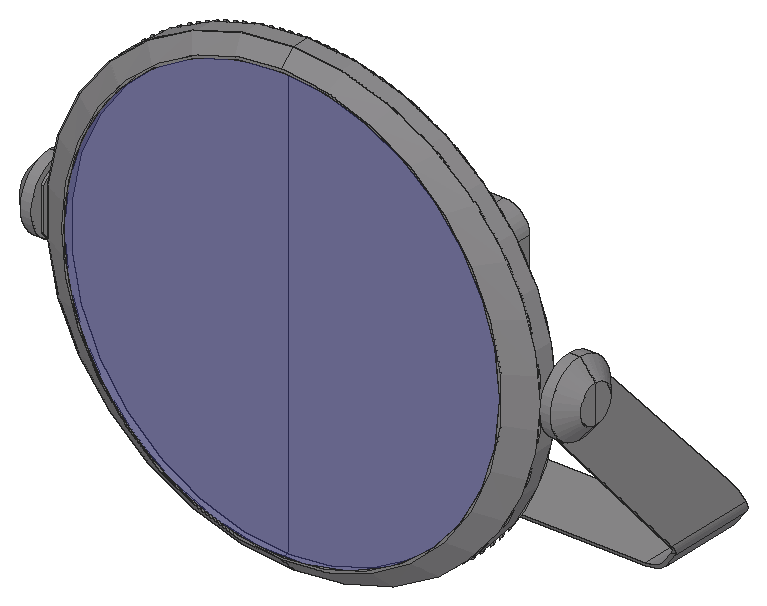
Revit family "APEX-1200SP-50701-TR", category Lighting Fixtures, host Face, Revit 2022
Family settings
  Host = Face
  Round Connector Dimension = Use Diameter
  Part Type = Normal
  Cut with Voids When Loaded = Yes
  Light Source = Yes
  Maintain Annotation Orientation = No
  Shared = No
  Room Calculation Point = No
Parameters (values of type "APEX-1200SP-1200W-5000K-12D")
  Wattage Comments = "1200W"
  Wattage = 1334.3 W
  built-in parameter 1150110 = 1 (stored number, unit not read)
  URL = "https://www.abovealllighting.com/Product/LED-OUTDOOR-FIXTURES/LEDSportLight/APEXLEDSportLight-TrunnionMount.html"
  built-in parameter 1114217 = 1 (stored number, unit not read)
  Tilt Angle = 90.00°
  built-in parameter 1150109 = 1 (stored number, unit not read)
  built-in parameter 1150134 = 2
  built-in parameter 1150113 = 1 (stored number, unit not read)
  Power Factor = "0.9"
  Photometric Web File = "APEX-1200SP-1200W-5000K-CRI70-12D.IES"
  Model = "APEX-1200SP-50701-TR-12-GY"
  Manufacturer = "Above All Lighting"  # constant formula
  built-in parameter 1150105 = 15772.3 (stored number, unit not read)
  Lumens = 198200 lm
  built-in parameter 1150115 = 1 (stored number, unit not read)
  Load Classification = Lighting
  built-in parameter 1150137 = (empty or 0)
  built-in parameter 1150139 = (empty or 0)
  built-in parameter 1150112 = 1 (stored number, unit not read)
  built-in parameter 1150114 = 1 (stored number, unit not read)
  Lamp = "LED"
  Input Voltage = "120-277V"
  built-in parameter 1150132 = 2
  built-in parameter 1150102 = (empty or 0)
  built-in parameter 1150107 = 5000 (stored number, unit not read)
  built-in parameter 1150138 = (empty or 0)
  built-in parameter 1150106 = 157.72 (stored number, unit not read)
  IP Rating = "IP66"
  IK Rating = "IK08"
  built-in parameter 1150104 = 13.8 (stored number, unit not read)
  Dimming Lamp Color Temperature Shift = <None>
  Default Elevation = 0' - 0"
  Color Filter = 16777215
  CRI = "70"
  Beam Angle = 12.00°
  built-in parameter 1114218 = 1 (stored number, unit not read)
  built-in parameter 1150133 = 10 (stored number, unit not read)
Types (7): name | Photometric Web File | Model | Beam Angle
  (no name) | "APEX-1200SP-1200W-5000K-CRI70-12D.IES" | "APEX-1200SP-50701-TR-12-GY" | 12.00°
  APEX-1200SP-1200W-5000K-12D | "APEX-1200SP-1200W-5000K-CRI70-12D.IES" | "APEX-1200SP-50701-TR-12-GY" | 12.00°
  APEX-1200SP-1200W-5000K-17D | "APEX-1200SP-1200W-5000K-CRI70-17D.IES" | "APEX-1200SP-50701-TR-17-GY" | 17.00°
  APEX-1200SP-1200W-5000K-22D | "APEX-1200SP-1200W-5000K-CRI70-22D.IES" | "APEX-1200SP-50701-TR-22-GY" | 22.00°
  APEX-1200SP-1200W-5000K-30D | "APEX-1200SP-1200W-5000K-CRI70-30D.IES" | "APEX-1200SP-50701-TR-30-GY" | 30.00°
  APEX-1200SP-1200W-5000K-45D | "APEX-1200SP-1200W-5000K-CRI70-45D.IES" | "APEX-1200SP-50701-TR-45-GY" | 45.00°
  APEX-1200SP-1200W-5000K-60D | "APEX-1200SP-1200W-5000K-CRI70-60D.IES" | "APEX-1200SP-50701-TR-60-GY" | 60.00°
Reference planes (in)
  plane 1 "Center (Front/Back)": y = 0
  plane 2: z = 0
  plane 3 "Center (Left/Right)": x = 0
  plane 4: z = 22.87
  plane 5: x = -12.755
  plane 6: x = 12.755
  plane 7: y = 13.07
  plane 8: z = 11.06023
Forms (in)
  Extrusion 1, void
    sketch origin (0, 12.75, 2.80821) x (1, 0, 0) y (0, 0, 1)
      loop
        line (5.49708, 19.145) -> (5.49708, -2.5) -> (5.77638, -2.5) -> (5.77638, 19.145) -> (5.49708, 19.145)
      loop
        line (5.07886, 19.145) -> (5.07886, -2.5) -> (5.35816, -2.5) -> (5.35816, 19.145) -> (5.07886, 19.145)
      loop
        line (4.66063, 19.145) -> (4.66063, -2.5) -> (4.93993, -2.5) -> (4.93993, 19.145) -> (4.66063, 19.145)
      loop
        line (4.24241, 19.145) -> (4.24241, -2.5) -> (4.52171, -2.5) -> (4.52171, 19.145) -> (4.24241, 19.145)
      loop
        line (3.82419, 19.145) -> (3.82419, -2.5) -> (4.10349, -2.5) -> (4.10349, 19.145) -> (3.82419, 19.145)
      loop
        line (3.40597, 19.145) -> (3.40597, -2.5) -> (3.68527, -2.5) -> (3.68527, 19.145) -> (3.40597, 19.145)
      loop
        line (2.98775, 19.145) -> (2.98775, -2.5) -> (3.26705, -2.5) -> (3.26705, 19.145) -> (2.98775, 19.145)
      loop
        line (2.56953, 19.145) -> (2.56953, -2.5) -> (2.84883, -2.5) -> (2.84883, 19.145) -> (2.56953, 19.145)
      loop
        line (2.1513, 19.145) -> (2.1513, -2.5) -> (2.4306, -2.5) -> (2.4306, 19.145) -> (2.1513, 19.145)
      loop
        line (1.73308, 19.145) -> (1.73308, -2.5) -> (2.01238, -2.5) -> (2.01238, 19.145) -> (1.73308, 19.145)
      loop
        line (1.31486, 19.145) -> (1.31486, -2.5) -> (1.59416, -2.5) -> (1.59416, 19.145) -> (1.31486, 19.145)
      loop
        line (0.89664, 19.145) -> (0.89664, -2.5) -> (1.17594, -2.5) -> (1.17594, 19.145) -> (0.89664, 19.145)
      loop
        line (0.47842, 19.11758) -> (0.47842, -2.5) -> (0.75772, -2.5) -> (0.75772, 19.11758) -> (0.47842, 19.11758)
      loop
        line (0.06019, 19.145) -> (0.06019, -2.5) -> (0.33949, -2.5) -> (0.33949, 19.145) -> (0.06019, 19.145)
      loop
        line (-5.49708, 19.145) -> (-5.77638, 19.145) -> (-5.77638, -2.5) -> (-5.49708, -2.5) -> (-5.49708, 19.145)
      loop
        line (-5.07886, 19.145) -> (-5.35816, 19.145) -> (-5.35816, -2.5) -> (-5.07886, -2.5) -> (-5.07886, 19.145)
      loop
        line (-4.66063, 19.145) -> (-4.93993, 19.145) -> (-4.93993, -2.5) -> (-4.66063, -2.5) -> (-4.66063, 19.145)
      loop
        line (-4.24241, 19.145) -> (-4.52171, 19.145) -> (-4.52171, -2.5) -> (-4.24241, -2.5) -> (-4.24241, 19.145)
      loop
        line (-3.82419, 19.145) -> (-4.10349, 19.145) -> (-4.10349, -2.5) -> (-3.82419, -2.5) -> (-3.82419, 19.145)
      loop
        line (-3.40597, 19.145) -> (-3.68527, 19.145) -> (-3.68527, -2.5) -> (-3.40597, -2.5) -> (-3.40597, 19.145)
      loop
        line (-2.98775, 19.145) -> (-3.26705, 19.145) -> (-3.26705, -2.5) -> (-2.98775, -2.5) -> (-2.98775, 19.145)
      loop
        line (-2.56953, 19.145) -> (-2.84883, 19.145) -> (-2.84883, -2.5) -> (-2.56953, -2.5) -> (-2.56953, 19.145)
      loop
        line (-2.1513, 19.145) -> (-2.4306, 19.145) -> (-2.4306, -2.5) -> (-2.1513, -2.5) -> (-2.1513, 19.145)
      loop
        line (-1.73308, 19.145) -> (-2.01238, 19.145) -> (-2.01238, -2.5) -> (-1.73308, -2.5) -> (-1.73308, 19.145)
      loop
        line (-1.31486, 19.145) -> (-1.59416, 19.145) -> (-1.59416, -2.5) -> (-1.31486, -2.5) -> (-1.31486, 19.145)
      loop
        line (-0.89664, 19.13524) -> (-1.17594, 19.13524) -> (-1.17594, -2.5) -> (-0.89664, -2.5) -> (-0.89664, 19.13524)
      loop
        line (-0.47842, 19.145) -> (-0.75772, 19.145) -> (-0.75772, -2.5) -> (-0.47842, -2.5) -> (-0.47842, 19.145)
      loop
        line (-0.06019, 19.13524) -> (-0.33949, 19.13524) -> (-0.33949, -2.5) -> (-0.06019, -2.5) -> (-0.06019, 19.13524)
      loop
        line (6.33352, 19.145) -> (6.33352, -2.5) -> (6.61282, -2.5) -> (6.61282, 19.145) -> (6.33352, 19.145)
      loop
        line (5.9153, 19.145) -> (5.9153, -2.5) -> (6.1946, -2.5) -> (6.1946, 19.145) -> (5.9153, 19.145)
      loop
        line (-6.33352, 19.145) -> (-6.61282, 19.145) -> (-6.61282, -2.5) -> (-6.33352, -2.5) -> (-6.33352, 19.145)
      loop
        line (-5.9153, 19.145) -> (-6.1946, 19.145) -> (-6.1946, -2.5) -> (-5.9153, -2.5) -> (-5.9153, 19.145)
      loop
        line (-7.16997, 19.145) -> (-7.44927, 19.145) -> (-7.44927, -2.5) -> (-7.16997, -2.5) -> (-7.16997, 19.145)
      loop
        line (-6.75174, 19.145) -> (-7.03104, 19.145) -> (-7.03104, -2.5) -> (-6.75174, -2.5) -> (-6.75174, 19.145)
      loop
        line (7.16997, 19.145) -> (7.16997, -2.5) -> (7.44927, -2.5) -> (7.44927, 19.145) -> (7.16997, 19.145)
      loop
        line (6.75174, 19.145) -> (6.75174, -2.5) -> (7.03104, -2.5) -> (7.03104, 19.145) -> (6.75174, 19.145)
      loop
        line (8.00641, 19.145) -> (8.00641, -2.5) -> (8.28571, -2.5) -> (8.28571, 19.145) -> (8.00641, 19.145)
      loop
        line (7.58819, 19.145) -> (7.58819, -2.5) -> (7.86749, -2.5) -> (7.86749, 19.145) -> (7.58819, 19.145)
      loop
        line (8.84285, 19.145) -> (8.84285, -2.5) -> (9.12215, -2.5) -> (9.12215, 19.145) -> (8.84285, 19.145)
      loop
        line (8.42463, 19.145) -> (8.42463, -2.5) -> (8.70393, -2.5) -> (8.70393, 19.145) -> (8.42463, 19.145)
      loop
        line (-8.00641, 19.145) -> (-8.28571, 19.145) -> (-8.28571, -2.5) -> (-8.00641, -2.5) -> (-8.00641, 19.145)
      loop
        line (-7.58819, 19.145) -> (-7.86749, 19.145) -> (-7.86749, -2.5) -> (-7.58819, -2.5) -> (-7.58819, 19.145)
      loop
        line (-8.84285, 19.145) -> (-9.12215, 19.145) -> (-9.12215, -2.5) -> (-8.84285, -2.5) -> (-8.84285, 19.145)
      loop
        line (-8.42463, 19.145) -> (-8.70393, 19.145) -> (-8.70393, -2.5) -> (-8.42463, -2.5) -> (-8.42463, 19.145)
    from 9.99863 to 11.24863
  Revolve 2, void
    sketch origin (0, 0, 2.80821) x (0, 1, 0) y (0, 0, 1)
      loop
        line (-0.23932, 8.25202) -> (0.3619, 8.25202) -> (0.3619, 18.16075) -> (-0.23932, 18.16075) -> (-0.23932, 8.25202)
      axis (0.3619, 8.25202) -> (-0.23932, 8.25202)
    angle from 0 to 360
  Extrusion 3, solid, material "Default"
    sketch origin (0, 15, 2.80821) x (1, 0, 0) y (0, 0, 1)
      loop
        line (5.40506, 12.32183) -> (-5.40506, 12.32183)
        arc (-5.40506, 12.32183) -> (-6.20944, 11.98864) -> (-6.54263, 11.18425) r 1.13758
        line (-6.54263, 11.18425) -> (-6.54263, 5.31978)
        arc (-6.54263, 5.31978) -> (-6.20944, 4.5154) -> (-5.40506, 4.18221) r 1.13758
        line (-5.40506, 4.18221) -> (5.40506, 4.18221)
        arc (5.40506, 4.18221) -> (6.20944, 4.5154) -> (6.54263, 5.31978) r 1.13758
        line (6.54263, 5.31978) -> (6.54263, 11.18425)
        arc (6.54263, 11.18425) -> (6.20944, 11.98864) -> (5.40506, 12.32183) r 1.13758
    from 9.10697 to 12.5
  Extrusion 4, solid, material "Default"
    sketch origin (0, 13.40137, 0) x (1, 0, 0) y (0, 0, 1)
      loop
        line (11.41902, 12.8679) -> (11.41902, 2.26091)
        arc (11.41902, 2.26091) -> (11.3439, 1.92757) -> (11.13307, 1.65867) r 0.77716
        line (11.13307, 1.65867) -> (10.19724, 0.59856)
        arc (10.19724, 0.59856) -> (9.72956, 0.29182) -> (9.18823, 0.15118) r 1.72156
        line (9.18823, 0.15118) -> (0, 0.15118) -> (-9.18823, 0.15118)
        arc (-9.18823, 0.15118) -> (-9.72956, 0.29182) -> (-10.19724, 0.59856) r 1.72156
        line (-10.19724, 0.59856) -> (-11.13307, 1.65867)
        arc (-11.13307, 1.65867) -> (-11.3439, 1.92757) -> (-11.41902, 2.26091) r 0.77716
        line (-11.41902, 2.26091) -> (-11.41902, 12.8679) -> (-11.5702, 12.8679) -> (-11.5702, 2.26091)
        arc (-11.5702, 2.26091) -> (-11.48322, 1.86857) -> (-11.23858, 1.54976) r 0.92834
        line (-11.23858, 1.54976) -> (-10.30548, 0.49274)
        arc (-10.30548, 0.49274) -> (-9.79129, 0.15382) -> (-9.19497, 0) r 1.87274
        line (-9.19497, 0) -> (0, 0) -> (9.19497, 0)
        arc (9.19497, 0) -> (9.79129, 0.15382) -> (10.30548, 0.49274) r 1.87274
        line (10.30548, 0.49274) -> (11.23858, 1.54976)
        arc (11.23858, 1.54976) -> (11.48322, 1.86857) -> (11.5702, 2.26091) r 0.92834
        line (11.5702, 2.26091) -> (11.5702, 12.8679) -> (11.41902, 12.8679)
    from 0.57137 to 12.65137
  Extrusion 5, void
    sketch origin (0, 0, 0) x (0, 1, 0) y (0, 0, 1)
      loop
        line (10.9149, 3.60034) -> (11.4591, 2.9518)
        arc (11.4591, 2.9518) -> (12.33895, 1.52367) -> (13.06548, 0.01177) r 16.10335
        line (13.06548, 0.01177) -> (13.06548, -0.31733) -> (13.39459, -0.31733) -> (13.39459, 12.8679) -> (-0.78521, 12.8679) -> (-0.78521, -0.09259) -> (9.26263, -0.09259)
        arc (9.26263, -0.09259) -> (8.83028, 0.78428) -> (8.31301, 1.6139) r 9.83545
        line (8.31301, 1.6139) -> (0.78964, 9.96944)
        arc (0.78964, 9.96944) -> (0.90295, 12.13157) -> (3.06507, 12.01825) r 1.53095
        line (3.06507, 12.01825) -> (10.9149, 3.60034)
    from -11.5702 to 11.5702
  Revolve 6, solid, material "Default"
    sketch origin (-1.2, 1.89632, 1.625) x (1, 0, 0) y (0, 0, 1)
      loop
        line (-10.3702, 9.43523) -> (-10.3702, 11.12152) -> (-10.85741, 11.12152) -> (-11.555, 10.29016) -> (-11.555, 9.43523) -> (-10.3702, 9.43523)
      axis (-10.3702, 9.43523) -> (-11.555, 9.43523)
    angle from 0 to 360
  SweptBlend 7, solid, material "Default"
    path origin (0, 0, 2.80821) x (0, 1, 0) y (0, 0, 1)
      loop
        line (0, 7.25202) -> (0.65872, 7.25202)
    profile origin (0, 0, 10.06023) x (0, 0, 1) y (1, 0, 0)
      loop
        circle (1.00202, 0) r 10
    end profile origin (0, 0.65872, 10.06023) x (0, 0, 1) y (1, 0, 0)
      loop
        spline (11.62665, 0) -> (11.26359, 2.91171) -> (10.19914, 5.625) -> (8.50585, 7.95495) -> (6.29912, 9.74279) -> (3.72932, 10.86667) -> (0.97158, 11.25) -> (-1.78615, 10.86667) -> (-4.35595, 9.74279) -> (-6.56269, 7.95495) -> (-8.25598, 5.625) -> (-9.32043, 2.91171) -> (-9.68349, 0)
        spline (-9.68349, 0) -> (-9.32043, -2.91171) -> (-8.25598, -5.625) -> (-6.56269, -7.95495) -> (-4.35595, -9.74279) -> (-1.78615, -10.86667) -> (0.97158, -11.25) -> (3.72932, -10.86667) -> (6.29912, -9.74279) -> (8.50585, -7.95495) -> (10.19914, -5.625) -> (11.26359, -2.91171) -> (11.62665, 0)
  Extrusion 8, solid, material "Glass"
    sketch origin (0, 0, 2.80821) x (1, 0, 0) y (0, 0, 1)
      loop
        circle (0, 8.25202) r 9.90874
    from -0.06301 to 0
  SweptBlend 9, solid, material "Default"
    path origin (0, 0, 2.80821) x (0, 1, 0) y (0, 0, 1)
      loop
        line (1.50137, 7.25202) -> (2.75137, 7.25202)
    profile origin (0, 1.50137, 10.06023) x (0, 0, 1) y (1, 0, 0)
      loop
        spline (11.62665, 0) -> (11.26359, 2.91171) -> (10.19914, 5.625) -> (8.50585, 7.95495) -> (6.29912, 9.74279) -> (3.72932, 10.86667) -> (0.97158, 11.25) -> (-1.78615, 10.86667) -> (-4.35595, 9.74279) -> (-6.56269, 7.95495) -> (-8.25598, 5.625) -> (-9.32043, 2.91171) -> (-9.68349, 0)
        spline (-9.68349, 0) -> (-9.32043, -2.91171) -> (-8.25598, -5.625) -> (-6.56269, -7.95495) -> (-4.35595, -9.74279) -> (-1.78615, -10.86667) -> (0.97158, -11.25) -> (3.72932, -10.86667) -> (6.29912, -9.74279) -> (8.50585, -7.95495) -> (10.19914, -5.625) -> (11.26359, -2.91171) -> (11.62665, 0)
    end profile origin (0, 2.75137, 10.06023) x (0, 0, 1) y (1, 0, 0)
      loop
        circle (0.875, 0) r 9.5
  Extrusion 10, solid, material "Default"
    sketch origin (0, 0, 2.80821) x (1, 0, 0) y (0, 0, 1)
      loop
        spline (0, 18.87867) -> (-2.91171, 18.51657) -> (-5.625, 17.45497) -> (-7.95495, 15.7662) -> (-9.74279, 13.56534) -> (-10.86667, 11.0024) -> (-11.25, 8.25202) -> (-10.86667, 5.50164) -> (-9.74279, 2.93869) -> (-7.95495, 0.73784) -> (-5.625, -0.95093) -> (-2.91171, -2.01254) -> (0, -2.37463)
        spline (0, -2.37463) -> (2.91171, -2.01254) -> (5.625, -0.95093) -> (7.95495, 0.73784) -> (9.74279, 2.93869) -> (10.86667, 5.50164) -> (11.25, 8.25202) -> (10.86667, 11.0024) -> (9.74279, 13.56534) -> (7.95495, 15.7662) -> (5.625, 17.45497) -> (2.91171, 18.51657) -> (0, 18.87867)
    from -1.50137 to -0.65872
  Extrusion 11, solid, material "Default", not visible
    sketch origin (0, 13.40137, 0) x (1, 0, 0) y (0, 0, 1)
      loop
        line (11.41902, 12.8679) -> (11.41902, 2.26091)
        arc (11.41902, 2.26091) -> (11.3439, 1.92757) -> (11.13307, 1.65867) r 0.77716
        line (11.13307, 1.65867) -> (10.19724, 0.59856)
        arc (10.19724, 0.59856) -> (9.72956, 0.29182) -> (9.18823, 0.15118) r 1.72156
        line (9.18823, 0.15118) -> (0, 0.15118) -> (-9.18823, 0.15118)
        arc (-9.18823, 0.15118) -> (-9.72956, 0.29182) -> (-10.19724, 0.59856) r 1.72156
        line (-10.19724, 0.59856) -> (-11.13307, 1.65867)
        arc (-11.13307, 1.65867) -> (-11.3439, 1.92757) -> (-11.41902, 2.26091) r 0.77716
        line (-11.41902, 2.26091) -> (-11.41902, 12.8679) -> (-11.5702, 12.8679) -> (-11.5702, 2.26091)
        arc (-11.5702, 2.26091) -> (-11.48322, 1.86857) -> (-11.23858, 1.54976) r 0.92834
        line (-11.23858, 1.54976) -> (-10.30548, 0.49274)
        arc (-10.30548, 0.49274) -> (-9.79129, 0.15382) -> (-9.19497, 0) r 1.87274
        line (-9.19497, 0) -> (0, 0) -> (9.19497, 0)
        arc (9.19497, 0) -> (9.79129, 0.15382) -> (10.30548, 0.49274) r 1.87274
        line (10.30548, 0.49274) -> (11.23858, 1.54976)
        arc (11.23858, 1.54976) -> (11.48322, 1.86857) -> (11.5702, 2.26091) r 0.92834
        line (11.5702, 2.26091) -> (11.5702, 12.8679) -> (11.41902, 12.8679)
    from 0.57137 to 12.65137
  Revolve 12, solid, material "Default", not visible
    sketch origin (-1.2, 1.89632, 1.625) x (1, 0, 0) y (0, 0, 1)
      loop
        line (-10.3702, 9.43523) -> (-10.3702, 11.12152) -> (-10.85741, 11.12152) -> (-11.555, 10.29016) -> (-11.555, 9.43523) -> (-10.3702, 9.43523)
      axis (-10.3702, 9.43523) -> (-11.555, 9.43523)
    angle from 0 to 360
  Extrusion 13, void, not visible
    sketch origin (0, 12.75, 0) x (1, 0, 0) y (0, 0, 1)
      loop
        line (5.49708, 19.145) -> (5.49708, -2.5) -> (5.77638, -2.5) -> (5.77638, 19.145) -> (5.49708, 19.145)
      loop
        line (5.07886, 19.145) -> (5.07886, -2.5) -> (5.35816, -2.5) -> (5.35816, 19.145) -> (5.07886, 19.145)
      loop
        line (4.66063, 19.145) -> (4.66063, -2.5) -> (4.93993, -2.5) -> (4.93993, 19.145) -> (4.66063, 19.145)
      loop
        line (4.24241, 19.145) -> (4.24241, -2.5) -> (4.52171, -2.5) -> (4.52171, 19.145) -> (4.24241, 19.145)
      loop
        line (3.82419, 19.145) -> (3.82419, -2.5) -> (4.10349, -2.5) -> (4.10349, 19.145) -> (3.82419, 19.145)
      loop
        line (3.40597, 19.145) -> (3.40597, -2.5) -> (3.68527, -2.5) -> (3.68527, 19.145) -> (3.40597, 19.145)
      loop
        line (2.98775, 19.145) -> (2.98775, -2.5) -> (3.26705, -2.5) -> (3.26705, 19.145) -> (2.98775, 19.145)
      loop
        line (2.56953, 19.145) -> (2.56953, -2.5) -> (2.84883, -2.5) -> (2.84883, 19.145) -> (2.56953, 19.145)
      loop
        line (2.1513, 19.145) -> (2.1513, -2.5) -> (2.4306, -2.5) -> (2.4306, 19.145) -> (2.1513, 19.145)
      loop
        line (1.73308, 19.145) -> (1.73308, -2.5) -> (2.01238, -2.5) -> (2.01238, 19.145) -> (1.73308, 19.145)
      loop
        line (1.31486, 19.145) -> (1.31486, -2.5) -> (1.59416, -2.5) -> (1.59416, 19.145) -> (1.31486, 19.145)
      loop
        line (0.89664, 19.145) -> (0.89664, -2.5) -> (1.17594, -2.5) -> (1.17594, 19.145) -> (0.89664, 19.145)
      loop
        line (0.47842, 19.11758) -> (0.47842, -2.5) -> (0.75772, -2.5) -> (0.75772, 19.11758) -> (0.47842, 19.11758)
      loop
        line (0.06019, 19.145) -> (0.06019, -2.5) -> (0.33949, -2.5) -> (0.33949, 19.145) -> (0.06019, 19.145)
      loop
        line (-5.49708, 19.145) -> (-5.77638, 19.145) -> (-5.77638, -2.5) -> (-5.49708, -2.5) -> (-5.49708, 19.145)
      loop
        line (-5.07886, 19.145) -> (-5.35816, 19.145) -> (-5.35816, -2.5) -> (-5.07886, -2.5) -> (-5.07886, 19.145)
      loop
        line (-4.66063, 19.145) -> (-4.93993, 19.145) -> (-4.93993, -2.5) -> (-4.66063, -2.5) -> (-4.66063, 19.145)
      loop
        line (-4.24241, 19.145) -> (-4.52171, 19.145) -> (-4.52171, -2.5) -> (-4.24241, -2.5) -> (-4.24241, 19.145)
      loop
        line (-3.82419, 19.145) -> (-4.10349, 19.145) -> (-4.10349, -2.5) -> (-3.82419, -2.5) -> (-3.82419, 19.145)
      loop
        line (-3.40597, 19.145) -> (-3.68527, 19.145) -> (-3.68527, -2.5) -> (-3.40597, -2.5) -> (-3.40597, 19.145)
      loop
        line (-2.98775, 19.145) -> (-3.26705, 19.145) -> (-3.26705, -2.5) -> (-2.98775, -2.5) -> (-2.98775, 19.145)
      loop
        line (-2.56953, 19.145) -> (-2.84883, 19.145) -> (-2.84883, -2.5) -> (-2.56953, -2.5) -> (-2.56953, 19.145)
      loop
        line (-2.1513, 19.145) -> (-2.4306, 19.145) -> (-2.4306, -2.5) -> (-2.1513, -2.5) -> (-2.1513, 19.145)
      loop
        line (-1.73308, 19.145) -> (-2.01238, 19.145) -> (-2.01238, -2.5) -> (-1.73308, -2.5) -> (-1.73308, 19.145)
      loop
        line (-1.31486, 19.145) -> (-1.59416, 19.145) -> (-1.59416, -2.5) -> (-1.31486, -2.5) -> (-1.31486, 19.145)
      loop
        line (-0.89664, 19.13524) -> (-1.17594, 19.13524) -> (-1.17594, -2.5) -> (-0.89664, -2.5) -> (-0.89664, 19.13524)
      loop
        line (-0.47842, 19.145) -> (-0.75772, 19.145) -> (-0.75772, -2.5) -> (-0.47842, -2.5) -> (-0.47842, 19.145)
      loop
        line (-0.06019, 19.13524) -> (-0.33949, 19.13524) -> (-0.33949, -2.5) -> (-0.06019, -2.5) -> (-0.06019, 19.13524)
      loop
        line (6.33352, 19.145) -> (6.33352, -2.5) -> (6.61282, -2.5) -> (6.61282, 19.145) -> (6.33352, 19.145)
      loop
        line (5.9153, 19.145) -> (5.9153, -2.5) -> (6.1946, -2.5) -> (6.1946, 19.145) -> (5.9153, 19.145)
      loop
        line (-6.33352, 19.145) -> (-6.61282, 19.145) -> (-6.61282, -2.5) -> (-6.33352, -2.5) -> (-6.33352, 19.145)
      loop
        line (-5.9153, 19.145) -> (-6.1946, 19.145) -> (-6.1946, -2.5) -> (-5.9153, -2.5) -> (-5.9153, 19.145)
      loop
        line (-7.16997, 19.145) -> (-7.44927, 19.145) -> (-7.44927, -2.5) -> (-7.16997, -2.5) -> (-7.16997, 19.145)
      loop
        line (-6.75174, 19.145) -> (-7.03104, 19.145) -> (-7.03104, -2.5) -> (-6.75174, -2.5) -> (-6.75174, 19.145)
      loop
        line (7.16997, 19.145) -> (7.16997, -2.5) -> (7.44927, -2.5) -> (7.44927, 19.145) -> (7.16997, 19.145)
      loop
        line (6.75174, 19.145) -> (6.75174, -2.5) -> (7.03104, -2.5) -> (7.03104, 19.145) -> (6.75174, 19.145)
      loop
        line (8.00641, 19.145) -> (8.00641, -2.5) -> (8.28571, -2.5) -> (8.28571, 19.145) -> (8.00641, 19.145)
      loop
        line (7.58819, 19.145) -> (7.58819, -2.5) -> (7.86749, -2.5) -> (7.86749, 19.145) -> (7.58819, 19.145)
      loop
        line (8.84285, 19.145) -> (8.84285, -2.5) -> (9.12215, -2.5) -> (9.12215, 19.145) -> (8.84285, 19.145)
      loop
        line (8.42463, 19.145) -> (8.42463, -2.5) -> (8.70393, -2.5) -> (8.70393, 19.145) -> (8.42463, 19.145)
      loop
        line (-8.00641, 19.145) -> (-8.28571, 19.145) -> (-8.28571, -2.5) -> (-8.00641, -2.5) -> (-8.00641, 19.145)
      loop
        line (-7.58819, 19.145) -> (-7.86749, 19.145) -> (-7.86749, -2.5) -> (-7.58819, -2.5) -> (-7.58819, 19.145)
      loop
        line (-8.84285, 19.145) -> (-9.12215, 19.145) -> (-9.12215, -2.5) -> (-8.84285, -2.5) -> (-8.84285, 19.145)
      loop
        line (-8.42463, 19.145) -> (-8.70393, 19.145) -> (-8.70393, -2.5) -> (-8.42463, -2.5) -> (-8.42463, 19.145)
    from 9.99863 to 11.24863
  Revolve 14, void, not visible
    sketch origin (0, 0, 0) x (0, 1, 0) y (0, 0, 1)
      loop
        line (-0.23932, 8.25202) -> (0.3619, 8.25202) -> (0.3619, 18.16075) -> (-0.23932, 18.16075) -> (-0.23932, 8.25202)
      axis (0.3619, 8.25202) -> (-0.23932, 8.25202)
    angle from 0 to 360
  Extrusion 15, solid, material "Default", not visible
    sketch origin (0, 15, 0) x (1, 0, 0) y (0, 0, 1)
      loop
        line (5.40506, 12.32183) -> (-5.40506, 12.32183)
        arc (-5.40506, 12.32183) -> (-6.20944, 11.98864) -> (-6.54263, 11.18425) r 1.13758
        line (-6.54263, 11.18425) -> (-6.54263, 5.31978)
        arc (-6.54263, 5.31978) -> (-6.20944, 4.5154) -> (-5.40506, 4.18221) r 1.13758
        line (-5.40506, 4.18221) -> (5.40506, 4.18221)
        arc (5.40506, 4.18221) -> (6.20944, 4.5154) -> (6.54263, 5.31978) r 1.13758
        line (6.54263, 5.31978) -> (6.54263, 11.18425)
        arc (6.54263, 11.18425) -> (6.20944, 11.98864) -> (5.40506, 12.32183) r 1.13758
    from 9.10697 to 12.5
  SweptBlend 16, solid, material "Default", not visible
    path origin (0, 0, 0) x (0, 1, 0) y (0, 0, 1)
      loop
        line (0, 7.25202) -> (0.65872, 7.25202)
    profile origin (0, 0, 7.25202) x (0, 0, 1) y (1, 0, 0)
      loop
        circle (1.00202, 0) r 10
    end profile origin (0, 0.65872, 7.25202) x (0, 0, 1) y (1, 0, 0)
      loop
        spline (11.62665, 0) -> (11.26359, 2.91171) -> (10.19914, 5.625) -> (8.50585, 7.95495) -> (6.29912, 9.74279) -> (3.72932, 10.86667) -> (0.97158, 11.25) -> (-1.78615, 10.86667) -> (-4.35595, 9.74279) -> (-6.56269, 7.95495) -> (-8.25598, 5.625) -> (-9.32043, 2.91171) -> (-9.68349, 0)
        spline (-9.68349, 0) -> (-9.32043, -2.91171) -> (-8.25598, -5.625) -> (-6.56269, -7.95495) -> (-4.35595, -9.74279) -> (-1.78615, -10.86667) -> (0.97158, -11.25) -> (3.72932, -10.86667) -> (6.29912, -9.74279) -> (8.50585, -7.95495) -> (10.19914, -5.625) -> (11.26359, -2.91171) -> (11.62665, 0)
  Extrusion 17, solid, material "Glass", not visible
    sketch origin (0, 0, 0) x (1, 0, 0) y (0, 0, 1)
      loop
        circle (0, 8.25202) r 9.90874
    from -0.06301 to 0
  SweptBlend 18, solid, material "Default", not visible
    path origin (0, 0, 0) x (0, 1, 0) y (0, 0, 1)
      loop
        line (1.50137, 7.25202) -> (2.75137, 7.25202)
    profile origin (0, 1.50137, 7.25202) x (0, 0, 1) y (1, 0, 0)
      loop
        spline (11.62665, 0) -> (11.26359, 2.91171) -> (10.19914, 5.625) -> (8.50585, 7.95495) -> (6.29912, 9.74279) -> (3.72932, 10.86667) -> (0.97158, 11.25) -> (-1.78615, 10.86667) -> (-4.35595, 9.74279) -> (-6.56269, 7.95495) -> (-8.25598, 5.625) -> (-9.32043, 2.91171) -> (-9.68349, 0)
        spline (-9.68349, 0) -> (-9.32043, -2.91171) -> (-8.25598, -5.625) -> (-6.56269, -7.95495) -> (-4.35595, -9.74279) -> (-1.78615, -10.86667) -> (0.97158, -11.25) -> (3.72932, -10.86667) -> (6.29912, -9.74279) -> (8.50585, -7.95495) -> (10.19914, -5.625) -> (11.26359, -2.91171) -> (11.62665, 0)
    end profile origin (0, 2.75137, 7.25202) x (0, 0, 1) y (1, 0, 0)
      loop
        circle (0.875, 0) r 9.5
  Extrusion 19, solid, material "Default", not visible
    sketch origin (0, 0, 0) x (1, 0, 0) y (0, 0, 1)
      loop
        spline (0, 18.87867) -> (-2.91171, 18.51657) -> (-5.625, 17.45497) -> (-7.95495, 15.7662) -> (-9.74279, 13.56534) -> (-10.86667, 11.0024) -> (-11.25, 8.25202) -> (-10.86667, 5.50164) -> (-9.74279, 2.93869) -> (-7.95495, 0.73784) -> (-5.625, -0.95093) -> (-2.91171, -2.01254) -> (0, -2.37463)
        spline (0, -2.37463) -> (2.91171, -2.01254) -> (5.625, -0.95093) -> (7.95495, 0.73784) -> (9.74279, 2.93869) -> (10.86667, 5.50164) -> (11.25, 8.25202) -> (10.86667, 11.0024) -> (9.74279, 13.56534) -> (7.95495, 15.7662) -> (5.625, 17.45497) -> (2.91171, 18.51657) -> (0, 18.87867)
    from -1.50137 to -0.65872
  Revolve 20, solid, material "Default"
    sketch origin (1.2, 1.89632, 1.625) x (-1, 0, 0) y (0, 0, -1)
      loop
        line (-10.3702, -9.43523) -> (-11.555, -9.43523) -> (-11.555, -10.29016) -> (-10.85741, -11.12152) -> (-10.3702, -11.12152) -> (-10.3702, -9.43523)
      axis (-10.3702, -9.43523) -> (-11.555, -9.43523)
    angle from 0 to 360
  Revolve 21, solid, material "Default", not visible
    sketch origin (1.2, 1.89632, 1.625) x (-1, 0, 0) y (0, 0, -1)
      loop
        line (-10.3702, -9.43523) -> (-11.555, -9.43523) -> (-11.555, -10.29016) -> (-10.85741, -11.12152) -> (-10.3702, -11.12152) -> (-10.3702, -9.43523)
      axis (-10.3702, -9.43523) -> (-11.555, -9.43523)
    angle from 0 to 360
Cuts and joins
  Revolve 2 cuts SweptBlend 7
  Extrusion 1 cuts SweptBlend 9
  Extrusion 5 cuts Extrusion 4
Dimensions and locks (in)
  aligned and locked: plane 2 to host face
  aligned and locked: level to host face
Automatic sketch dimensions
  host sketch curve to host sketch curve = 8' - 0"  (x2)
  SweptBlend 7 sketch curve to SweptBlend 7 sketch curve = 0' - 0.65872"
  SweptBlend 16 sketch curve to SweptBlend 16 sketch curve = 0' - 0.65872"
  SweptBlend 9 sketch curve to SweptBlend 9 sketch curve = 0' - 1 1/4"
  SweptBlend 18 sketch curve to SweptBlend 18 sketch curve = 0' - 1 1/4"
  Revolve 6 sketch curve to Revolve 6 sketch curve = 0' - 0.69759"
  Revolve 6 sketch curve to Revolve 6 sketch curve = 0' - 0.48721"
  Revolve 6 sketch curve to Revolve 6 sketch curve = 0' - 0.85493"
  Revolve 6 sketch curve to Revolve 6 sketch curve = 0' - 0.83136"
  Revolve 6 sketch curve to Revolve 6 sketch curve = 4' - 0.86368"
  Revolve 6 sketch curve to Revolve 6 sketch curve = 6' - 3.71561"
  Revolve 6 sketch curve to Revolve 6 sketch curve = 0' - 0"
  Revolve 20 sketch curve to Revolve 20 sketch curve = 0' - 0.69759"
  Revolve 20 sketch curve to Revolve 20 sketch curve = 0' - 0.48721"
  Revolve 20 sketch curve to Revolve 20 sketch curve = 0' - 0.83136"
  Revolve 20 sketch curve to Revolve 20 sketch curve = 0' - 0.85493"
  Revolve 20 sketch curve to Revolve 20 sketch curve = 4' - 0.86368"
  Revolve 20 sketch curve to Revolve 20 sketch curve = 6' - 3.71561"
  Revolve 20 sketch curve to Revolve 20 sketch curve = 0' - 0"
  Revolve 12 sketch curve to Revolve 12 sketch curve = 0' - 0.69759"
  Revolve 12 sketch curve to Revolve 12 sketch curve = 0' - 0.48721"
  Revolve 12 sketch curve to Revolve 12 sketch curve = 0' - 0.85493"
  Revolve 12 sketch curve to Revolve 12 sketch curve = 0' - 0.83136"
  Revolve 12 sketch curve to Revolve 12 sketch curve = 4' - 0.86368"
  Revolve 12 sketch curve to Revolve 12 sketch curve = 6' - 3.71561"
  Revolve 12 sketch curve to Revolve 12 sketch curve = 0' - 0"
  Extrusion 4 sketch curve to Extrusion 4 sketch curve = 0' - 0"  (x9)
  Extrusion 4 sketch curve to Extrusion 4 sketch curve = 0' - 0.15118"  (x3)
  Extrusion 4 sketch curve to Extrusion 4 sketch curve = 0' - 0.18044"
  Extrusion 4 sketch curve to Extrusion 4 sketch curve = 0' - 0.10551"  (x2)
  Extrusion 4 sketch curve to Extrusion 4 sketch curve = 0' - 0.77716"  (x2)
  Extrusion 4 sketch curve to Extrusion 4 sketch curve = 0' - 0.93311"
  Extrusion 4 sketch curve to Extrusion 4 sketch curve = 0' - 0.10824"  (x2)
  Extrusion 4 sketch curve to Extrusion 4 sketch curve = 0' - 1.00226"
  Extrusion 4 sketch curve to Extrusion 4 sketch curve = 0' - 0.00674"  (x2)
  Extrusion 4 sketch curve to Extrusion 4 sketch curve = 0' - 1.61011"  (x2)
  Extrusion 4 sketch curve to Extrusion 4 sketch curve = 0' - 9.18823"
  Extrusion 4 sketch curve to Extrusion 4 sketch curve = 0' - 9.03175"
  Extrusion 4 sketch curve to Extrusion 4 sketch curve = 0' - 0.15648"
  Extrusion 4 sketch curve to Extrusion 4 sketch curve = 0' - 1.009"
  Extrusion 4 sketch curve to Extrusion 4 sketch curve = 0' - 0.49122"
  Extrusion 4 sketch curve to Extrusion 4 sketch curve = 0' - 0.34156"  (x2)
  Extrusion 4 sketch curve to Extrusion 4 sketch curve = 0' - 1.05701"  (x2)
  Extrusion 4 sketch curve to Extrusion 4 sketch curve = 0' - 10.607"  (x2)
  Extrusion 11 sketch curve to Extrusion 11 sketch curve = 0' - 0"  (x9)
  Extrusion 11 sketch curve to Extrusion 11 sketch curve = 0' - 0.15118"  (x3)
  Extrusion 11 sketch curve to Extrusion 11 sketch curve = 0' - 0.18044"
  Extrusion 11 sketch curve to Extrusion 11 sketch curve = 0' - 0.10551"  (x2)
  Extrusion 11 sketch curve to Extrusion 11 sketch curve = 0' - 0.77716"  (x2)
  Extrusion 11 sketch curve to Extrusion 11 sketch curve = 0' - 0.93311"
  Extrusion 11 sketch curve to Extrusion 11 sketch curve = 0' - 0.10824"  (x2)
  Extrusion 11 sketch curve to Extrusion 11 sketch curve = 0' - 1.00226"
  Extrusion 11 sketch curve to Extrusion 11 sketch curve = 0' - 0.00674"  (x2)
  Extrusion 11 sketch curve to Extrusion 11 sketch curve = 0' - 1.61011"  (x2)
  Extrusion 11 sketch curve to Extrusion 11 sketch curve = 0' - 9.18823"
  Extrusion 11 sketch curve to Extrusion 11 sketch curve = 0' - 9.03175"
  Extrusion 11 sketch curve to Extrusion 11 sketch curve = 0' - 0.15648"
  Extrusion 11 sketch curve to Extrusion 11 sketch curve = 0' - 1.009"
  Extrusion 11 sketch curve to Extrusion 11 sketch curve = 0' - 0.49122"
  Extrusion 11 sketch curve to Extrusion 11 sketch curve = 0' - 0.34156"  (x2)
  Extrusion 11 sketch curve to Extrusion 11 sketch curve = 0' - 1.05701"  (x2)
  Extrusion 11 sketch curve to Extrusion 11 sketch curve = 0' - 10.607"  (x2)
  SweptBlend 9 sketch curve to profile plane = 0' - 0"  (x2)
  SweptBlend 9 sketch curve to profile plane = 0' - 0 7/8"
  SweptBlend 18 sketch curve to profile plane = 0' - 0"  (x2)
  SweptBlend 18 sketch curve to profile plane = 0' - 0 7/8"
  Extrusion 1 sketch curve to Extrusion 1 sketch curve = 0' - 0.2793"  (x44)
  Extrusion 1 sketch curve to Extrusion 1 sketch curve = 0' - 0.13892"  (x42)
  Extrusion 1 sketch curve to Extrusion 1 sketch curve = 0' - 0.12039"
  Extrusion 1 sketch curve to Extrusion 1 sketch curve = 0' - 0"  (x78)
  Extrusion 1 sketch curve to Extrusion 1 sketch curve = 1' - 9.61758"
  Extrusion 1 sketch curve to Extrusion 1 sketch curve = 0' - 0.01766"
  Extrusion 1 sketch curve to Extrusion 1 sketch curve = 0' - 0.00976"  (x4)
  Extrusion 1 sketch curve to Extrusion 1 sketch curve = 0' - 0.02742"  (x3)
  Extrusion 13 sketch curve to Extrusion 13 sketch curve = 0' - 0.2793"  (x44)
  Extrusion 13 sketch curve to Extrusion 13 sketch curve = 0' - 0.13892"  (x42)
  Extrusion 13 sketch curve to Extrusion 13 sketch curve = 0' - 0.12039"
  Extrusion 13 sketch curve to Extrusion 13 sketch curve = 0' - 0"  (x78)
  Extrusion 13 sketch curve to Extrusion 13 sketch curve = 1' - 9.61758"
  Extrusion 13 sketch curve to Extrusion 13 sketch curve = 0' - 0.01766"
  Extrusion 13 sketch curve to Extrusion 13 sketch curve = 0' - 0.00976"  (x4)
  Extrusion 13 sketch curve to Extrusion 13 sketch curve = 0' - 0.02742"  (x3)
  Extrusion 3 sketch curve to Extrusion 3 sketch curve = 0' - 1.13758"  (x3)
  Extrusion 3 sketch curve to Extrusion 3 sketch curve = 0' - 10.81012"
  Extrusion 3 sketch curve to Extrusion 3 sketch curve = 0' - 0"  (x2)
  Extrusion 3 sketch curve to Extrusion 3 sketch curve = 0' - 5.86447"
  Extrusion 15 sketch curve to Extrusion 15 sketch curve = 0' - 1.13758"  (x3)
  Extrusion 15 sketch curve to Extrusion 15 sketch curve = 0' - 10.81012"
  Extrusion 15 sketch curve to Extrusion 15 sketch curve = 0' - 0"  (x2)
  Extrusion 15 sketch curve to Extrusion 15 sketch curve = 0' - 5.86447"
  Extrusion 10 sketch curve to Extrusion 10 sketch curve = 0' - 10.62665"
  Extrusion 19 sketch curve to Extrusion 19 sketch curve = 0' - 10.62665"
  SweptBlend 7 sketch curve to profile plane = 0' - 0"  (x2)
  profile plane to SweptBlend 7 sketch curve = 0' - 9.68349"
  SweptBlend 7 sketch curve to profile plane = 0' - 0.97158"
  SweptBlend 7 sketch curve to profile plane = 0' - 1.00202"
  SweptBlend 16 sketch curve to profile plane = 0' - 0"  (x2)
  profile plane to SweptBlend 16 sketch curve = 0' - 9.68349"
  SweptBlend 16 sketch curve to profile plane = 0' - 0.97158"
  SweptBlend 16 sketch curve to profile plane = 0' - 1.00202"
  Revolve 2 sketch curve to Revolve 2 sketch curve = 0' - 0.60122"
  Revolve 2 sketch curve to Revolve 2 sketch curve = 0' - 9.90874"
  Revolve 2 sketch curve to Revolve 2 sketch curve = 0' - 10.67534"
  Revolve 2 sketch curve to Revolve 2 sketch curve = 1' - 2.94512"
  Revolve 2 sketch curve to Revolve 2 sketch curve = 0' - 0"
  Extrusion 8 sketch curve to Extrusion 8 sketch curve = 0' - 0"  (x2)
  Extrusion 8 sketch curve to Extrusion 8 sketch curve = 0' - 9.90874"
  Revolve 14 sketch curve to Revolve 14 sketch curve = 0' - 0.60122"
  Revolve 14 sketch curve to Revolve 14 sketch curve = 0' - 9.90874"
  Revolve 14 sketch curve to Revolve 14 sketch curve = 0' - 10.67534"
  Revolve 14 sketch curve to Revolve 14 sketch curve = 1' - 2.94512"
  Revolve 14 sketch curve to Revolve 14 sketch curve = 0' - 0"
  Extrusion 17 sketch curve to Extrusion 17 sketch curve = 0' - 0"  (x2)
  Extrusion 17 sketch curve to Extrusion 17 sketch curve = 0' - 9.90874"
  profile plane to SweptBlend 9 sketch curve = 0' - 9.68349"
  SweptBlend 9 sketch curve to profile plane = 0' - 0.97158"
  profile plane to SweptBlend 18 sketch curve = 0' - 9.68349"
  SweptBlend 18 sketch curve to profile plane = 0' - 0.97158"
  plane 1 "Center (Front/Back)" to Extrusion 5 sketch curve = 0' - 1.79257"
  plane 1 "Center (Front/Back)" to Extrusion 5 sketch curve = 0' - 0.78521"
  Extrusion 5 sketch curve to plane 1 "Center (Front/Back)" = 0' - 0.23592"
  plane 8 to Extrusion 5 sketch curve = 0' - 0.06638"
  level to Extrusion 5 sketch curve = 0' - 1.6139"
  Extrusion 5 sketch curve to plane 7 = 0' - 4.75699"
  Extrusion 5 sketch curve to level = 0' - 0.09259"
  Extrusion 5 sketch curve to Extrusion 5 sketch curve = 0' - 0.94962"
  Extrusion 5 sketch curve to plane 7 = 0' - 2.1551"
  Extrusion 5 sketch curve to Extrusion 5 sketch curve = 0' - 0.5442"
  Extrusion 5 sketch curve to plane 7 = 0' - 0.00452"
  plane 7 to Extrusion 5 sketch curve = 0' - 0.32459"
  Extrusion 5 sketch curve to Extrusion 5 sketch curve = 0' - 2.19929"
  Extrusion 5 sketch curve to level = 0' - 0.31733"
  level to Extrusion 5 sketch curve = 0' - 0.01177"
  Extrusion 5 sketch curve to Extrusion 5 sketch curve = 0' - 0.64855"
  Extrusion 5 sketch curve to plane 8 = 0' - 1.80767"
  Extrusion 5 sketch curve to plane 1 "Center (Front/Back)" = 0' - 0.78964"
  Extrusion 5 sketch curve to plane 8 = 0' - 0.95802"
  Extrusion 5 sketch curve to Extrusion 5 sketch curve = 0' - 1.13772"
  plane 8 to Extrusion 5 sketch curve = 0' - 1.09079"
  radius of SweptBlend 9 sketch curve = 0' - 9 1/2"
  radius of SweptBlend 18 sketch curve = 0' - 9 1/2"
  radius of SweptBlend 7 sketch curve = 0' - 10"
  radius of SweptBlend 16 sketch curve = 0' - 10"
